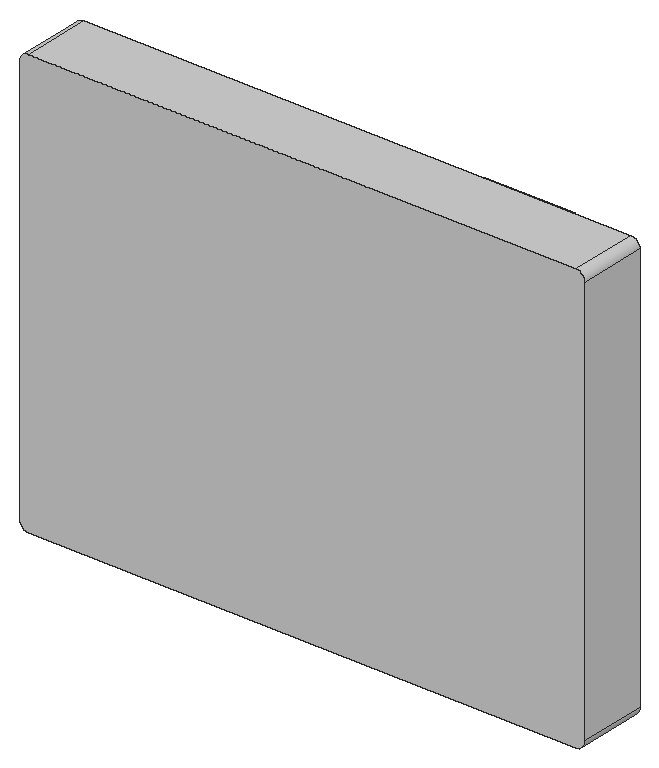
Revit family "Building-IEC309Connections-GEWISS-44IB-INTERLOCKED-SOCKET-OUTLETS_IP44_WITHOUT_BOTTOM_FUS", category Apparecchi elettrici, host Muro, Revit 2016
Family settings
  Host = Muro
  Mantenere orientamento annotazione = Sì
  Tipo di parte = Normale
  Quota connettore circolare = Usa diametro
  Numero OmniClass = 23.80.50.14
  Titolo OmniClass = Plug Connectors
  Sempre verticale = Sì
  Taglio con vuoti quando caricato = No
  Condiviso = No
  Punto di calcolo locali = No
Parameters (values of type "GW66144 - 32A 3P+N+E 500V H.INT.SOCK.O.N.B. 7H CBF")
  Working temperature = "-25 ÷ +40 °C"
  With back-mounting box = "No"
  Vista di pianta [instance] = yes
  Vetro = GEWISS - vetro
  Version file RFA = "18.0"
  URL = "https://www.gewiss.com/ww/en"
  Typology = "Horizontal"
  Tipo simbolo = PRESAINDPFUS : 3P
  Thermo-pressure with ball = "125 °C"
  Technical sheet = "https://www.gewiss.com/ww/en/search?q=GW66144"
  Struttura = GEWISS - Grigio RAL - 7035
  Simbolo [instance] = yes
  Shock resistance = "IK08"
  SEO = "Socket outlet"
  Reference h = "7"
  Realized by GEWISS S.p.A. = ""
  Rated voltage = "480-500V"
  Rated frequency (Hz) = "50/60 Hz"
  Rated current (In) = "32"
  Rated current (A) = "32"
  Protection = "Fuse-holder base (CBF)"
  Produttore = "GEWISS S.p.A."
  Presa = GEWISS - NERO
  Potenza = 500 V
  Operating temperature: = "-25 +40 °C"
  Numero poli = 3
  Number of poles = "3P+N+E"
  No. of poles = "3P+N+E"
  Modello = "GW66144"
  Immagine tipo = GW66132.jpg
  IP degree = "IP44"
  IFC.TypeObject = ""
  IFC.ExportType = ""
  IFC.ExportAs = ""
  IDT = "d594ee1e-5beb-4100-9b20-8b248744bc80"
  IDF = "220cc990-e7b6-467b-b248-952f9c972e44"
  Glow wire test: = "850 °C (active parts) - 650 °C (passive parts)"
  Glow Wire Test = "850 °C (active parts) - 650 °C (passive parts)"
  Fuses holder = "gG"
  Fuse breacking capacity = "> 50 kA"
  Frequency = "50/60 Hz"
  Electrocod = "2220"
  EAN code = "8011564029507"
  Distanza orizzontale del simbolo [instance] = 0 mm
  Distanza dal muro [instance] = 0 mm
  Descrizione = "32A 3P+N+E 500V H.INT.SOCK.O.N.B. 7H CBF"
  Cornice simbolo [instance] = yes
  Colour: = "Black"
  Colour = "Black"
  Classificazione carico = Altro
  Catalogue Range = "44 IB"
  Catalogue = "BUILDING"
  Carico apparente = 0 VA
  COBie.Tagnumber = ""
  COBie.CreatedOn = ""
  COBie.CreatebBy = ""
  COBie.ComponentRegisterItemID = ""
  COBie.Component.TagNumber = ""
  COBie.Component.Space = ""
  COBie.Component.SerialNumber = ""
  COBie.Component.InstallationDate = ""
  COBie.Component.Description = ""
  COBie.Component.BarCode = ""
  Altezza da terra = 820 mm
Types (22, lengths in mm): name | Tipo simbolo | Technical sheet | Reference h | Rated voltage | Rated current (In) | Rated current (A) | Presa | Potenza | Numero poli | Number of poles | No. of poles | Modello | Immagine tipo | IDT | Fuses holder | EAN code | Descrizione | Colour: | Colour
  GW66123 - 16A 2P+E 110V H.INT.SOCK.O.N.B. 4H CBF | PRESAINDPFUS : 2P | "https://www.gewiss.com/ww/en/search?q=GW66123" | "4" | "100-130V" | "16" | "16" | GEWISS - GIALLO | 110 V | 2 | "2P+E" | "2P+E" | "GW66123" | GW66123.jpg | "d865181a-db6f-4733-a7f4-ee1a884c36ac" | "E14" | "8011564029293" | "16A 2P+E 110V H.INT.SOCK.O.N.B. 4H CBF" | "Yellow" | "Yellow"
  GW66124 - 16A 3P+E 110V H.INT.SOCK.O.N.B. 4H CBF | PRESAINDPFUS : 3P | "https://www.gewiss.com/ww/en/search?q=GW66124" | "4" | "100-130V" | "16" | "16" | GEWISS - GIALLO | 110 V | 3 | "3P+E" | "3P+E" | "GW66124" | GW66123.jpg | "ba8cc6a1-6464-4a92-bec3-a971aebed9c9" | "E14" | "8011564029309" | "16A 3P+E 110V H.INT.SOCK.O.N.B. 4H CBF" | "Yellow" | "Yellow"
  GW66125 - 16A 3P+N+E 110V H.INT.SOCK.O.N.B. 4H CBF | PRESAINDPFUS : 3P | "https://www.gewiss.com/ww/en/search?q=GW66125" | "4" | "100-130V" | "16" | "16" | GEWISS - GIALLO | 110 V | 3 | "3P+N+E" | "3P+N+E" | "GW66125" | GW66123.jpg | "780a1870-7141-4bca-a64a-31ce98675e8f" | "E14" | "8011564029316" | "16A 3P+N+E 110V H.INT.SOCK.O.N.B. 4H CBF" | "Yellow" | "Yellow"
  GW66126 - 16A 2P+E 230V H.INT.SOCK.O.N.B. 6H CBF | PRESAINDPFUS : 2P | "https://www.gewiss.com/ww/en/search?q=GW66126" | "6" | "200-250V" | "16" | "16" | GEWISS -BLU | 230 V | 2 | "2P+E" | "2P+E" | "GW66126" | GW66126.jpg | "e4e375a5-ace5-484a-9d3f-762b819f9489" | "E14" | "8011564029323" | "16A 2P+E 230V H.INT.SOCK.O.N.B. 6H CBF" | "Blue" | "Blue"
  GW66127 - 16A 3P+E 230V H.INT.SOCK.O.N.B. 9H CBF | PRESAINDPFUS : 3P | "https://www.gewiss.com/ww/en/search?q=GW66127" | "9" | "200-250V" | "16" | "16" | GEWISS -BLU | 230 V | 3 | "3P+E" | "3P+E" | "GW66127" | GW66126.jpg | "27e9ce2b-8455-460f-96e0-f57ed8d9a4a8" | "E14" | "8011564029330" | "16A 3P+E 230V H.INT.SOCK.O.N.B. 9H CBF" | "Blue" | "Blue"
  GW66128 - 16A 3P+N+E 230V H.INT.SOCK.O.N.B. 9H CBF | PRESAINDPFUS : 3P | "https://www.gewiss.com/ww/en/search?q=GW66128" | "9" | "200-250V" | "16" | "16" | GEWISS -BLU | 230 V | 3 | "3P+N+E" | "3P+N+E" | "GW66128" | GW66126.jpg | "a443fdd3-9bf4-4279-82a0-fdacf7472c05" | "E14" | "8011564029347" | "16A 3P+N+E 230V H.INT.SOCK.O.N.B. 9H CBF" | "Blue" | "Blue"
  GW66129 - 16A 2P+E 400V H.INT.SOCK.O.N.B. 9H CBF | PRESAINDPFUS : 2P | "https://www.gewiss.com/ww/en/search?q=GW66129" | "9" | "380-415V" | "16" | "16" | GW - ROSSO | 400 V | 2 | "2P+E" | "2P+E" | "GW66129" | GW66129.jpg | "60379017-f275-4d69-bc77-8d432f6c908f" | "E14" | "8011564029354" | "16A 2P+E 400V H.INT.SOCK.O.N.B. 9H CBF" | "Red" | "Red"
  GW66130 - 16A 3P+E 400V H.INT.SOCK.O.N.B. 6H CBF | PRESAINDPFUS : 3P | "https://www.gewiss.com/ww/en/search?q=GW66130" | "6" | "380-415V" | "16" | "16" | GW - ROSSO | 400 V | 3 | "3P+E" | "3P+E" | "GW66130" | GW66129.jpg | "626ce0a9-565f-4e2d-a121-3c0070c761b2" | "E14" | "8011564029361" | "16A 3P+E 400V H.INT.SOCK.O.N.B. 6H CBF" | "Red" | "Red"
  GW66131 - 16A 3P+N+E 400V H.INT.SOCK.O.N.B. 6H CBF | PRESAINDPFUS : 3P | "https://www.gewiss.com/ww/en/search?q=GW66131" | "6" | "380-415V" | "16" | "16" | GW - ROSSO | 400 V | 3 | "3P+N+E" | "3P+N+E" | "GW66131" | GW66129.jpg | "f0238afb-2289-4400-b44b-e1221a362020" | "E14" | "8011564029378" | "16A 3P+N+E 400V H.INT.SOCK.O.N.B. 6H CBF" | "Red" | "Red"
  GW66132 - 16A 3P+E 500V H.INT.SOCK.O.N.B. 7H CBF | PRESAINDPFUS : 3P | "https://www.gewiss.com/ww/en/search?q=GW66132" | "7" | "480-500V" | "16" | "16" | GEWISS - NERO | 500 V | 3 | "3P+E" | "3P+E" | "GW66132" | GW66132.jpg | "02a3db47-bfc7-4908-b6d0-5a2c496df560" | "gG" | "8011564029385" | "16A 3P+E 500V H.INT.SOCK.O.N.B. 7H CBF" | "Black" | "Black"
  GW66133 - 16A 3P+N+E 500V H.INT.SOCK.O.N.B. 7H CBF | PRESAINDPFUS : 3P | "https://www.gewiss.com/ww/en/search?q=GW66133" | "7" | "480-500V" | "16" | "16" | GEWISS - NERO | 500 V | 3 | "3P+N+E" | "3P+N+E" | "GW66133" | GW66132.jpg | "05d95da2-3f60-4d1d-95d9-5079e33acc79" | "gG" | "8011564029392" | "16A 3P+N+E 500V H.INT.SOCK.O.N.B. 7H CBF" | "Black" | "Black"
  GW66134 - 32A 2P+E 110V H.INT.SOCK.O.N.B. 4H CBF | PRESAINDPFUS : 2P | "https://www.gewiss.com/ww/en/search?q=GW66134" | "4" | "100-130V" | "32" | "32" | GEWISS - GIALLO | 110 V | 2 | "2P+E" | "2P+E" | "GW66134" | GW66123.jpg | "55c611ab-fc5f-45bb-83d3-7ac72e4d1a5f" | "E18" | "8011564029408" | "32A 2P+E 110V H.INT.SOCK.O.N.B. 4H CBF" | "Yellow" | "Yellow"
  GW66135 - 32A 3P+E 110V H.INT.SOCK.O.N.B. 4H CBF | PRESAINDPFUS : 3P | "https://www.gewiss.com/ww/en/search?q=GW66135" | "4" | "100-130V" | "32" | "32" | GEWISS - GIALLO | 110 V | 3 | "3P+E" | "3P+E" | "GW66135" | GW66123.jpg | "f273748a-626d-457f-a7f8-4a647b34e61b" | "E18" | "8011564029415" | "32A 3P+E 110V H.INT.SOCK.O.N.B. 4H CBF" | "Yellow" | "Yellow"
  GW66136 - 32A 3P+N+E 110V H.INT.SOCK.O.N.B. 4H CBF | PRESAINDPFUS : 3P | "https://www.gewiss.com/ww/en/search?q=GW66136" | "4" | "100-130V" | "32" | "32" | GEWISS - GIALLO | 110 V | 3 | "3P+N+E" | "3P+N+E" | "GW66136" | GW66123.jpg | "02324301-823f-47d2-bdfc-f335b4377400" | "E18" | "8011564029422" | "32A 3P+N+E 110V H.INT.SOCK.O.N.B. 4H CBF" | "Yellow" | "Yellow"
  GW66137 - 32A 2P+E 230V H.INT.SOCK.O.N.B. 6H CBF | PRESAINDPFUS : 2P | "https://www.gewiss.com/ww/en/search?q=GW66137" | "6" | "200-250V" | "32" | "32" | GEWISS -BLU | 230 V | 2 | "2P+E" | "2P+E" | "GW66137" | GW66126.jpg | "d60d6951-15fe-4860-bfa8-1e7b4dfc9a13" | "E18" | "8011564029439" | "32A 2P+E 230V H.INT.SOCK.O.N.B. 6H CBF" | "Blue" | "Blue"
  GW66138 - 32A 3P+E 230V H.INT.SOCK.O.N.B. 9H CBF | PRESAINDPFUS : 3P | "https://www.gewiss.com/ww/en/search?q=GW66138" | "9" | "200-250V" | "32" | "32" | GEWISS -BLU | 230 V | 3 | "3P+E" | "3P+E" | "GW66138" | GW66126.jpg | "7e39b0d5-9697-4710-ad08-14052aaa1030" | "E18" | "8011564029446" | "32A 3P+E 230V H.INT.SOCK.O.N.B. 9H CBF" | "Blue" | "Blue"
  GW66139 - 32A 3P+N+E 230V H.INT.SOCK.O.N.B. 9H CBF | PRESAINDPFUS : 3P | "https://www.gewiss.com/ww/en/search?q=GW66139" | "9" | "200-250V" | "32" | "32" | GEWISS -BLU | 230 V | 3 | "3P+N+E" | "3P+N+E" | "GW66139" | GW66126.jpg | "7be2307e-add9-4018-be24-103bc8ff07f7" | "E18" | "8011564029453" | "32A 3P+N+E 230V H.INT.SOCK.O.N.B. 9H CBF" | "Blue" | "Blue"
  GW66140 - 32A 2P+E 400V H.INT.SOCK.O.N.B. 9H CBF | PRESAINDPFUS : 2P | "https://www.gewiss.com/ww/en/search?q=GW66140" | "9" | "380-415V" | "32" | "32" | GW - ROSSO | 400 V | 2 | "2P+E" | "2P+E" | "GW66140" | GW66129.jpg | "da9a0dd5-dbfc-4347-8c85-6acd15e5a295" | "E18" | "8011564029460" | "32A 2P+E 400V H.INT.SOCK.O.N.B. 9H CBF" | "Red" | "Red"
  GW66141 - 32A 3P+E 400V H.INT.SOCK.O.N.B. 6H CBF | PRESAINDPFUS : 3P | "https://www.gewiss.com/ww/en/search?q=GW66141" | "6" | "380-415V" | "32" | "32" | GW - ROSSO | 400 V | 3 | "3P+E" | "3P+E" | "GW66141" | GW66129.jpg | "d1dcc1e9-ce0b-4fca-a15c-cdb788cca326" | "E18" | "8011564029477" | "32A 3P+E 400V H.INT.SOCK.O.N.B. 6H CBF" | "Red" | "Red"
  GW66142 - 32A 3P+N+E 400V H.INT.SOCK.O.N.B. 6H CBF | PRESAINDPFUS : 3P | "https://www.gewiss.com/ww/en/search?q=GW66142" | "6" | "380-415V" | "32" | "32" | GW - ROSSO | 400 V | 3 | "3P+N+E" | "3P+N+E" | "GW66142" | GW66129.jpg | "b4ab6ff6-c865-4da7-8c3e-7eee63859023" | "E18" | "8011564029484" | "32A 3P+N+E 400V H.INT.SOCK.O.N.B. 6H CBF" | "Red" | "Red"
  GW66143 - 32A 3P+E 500V H.INT.SOCK.O.N.B. 7H CBF | PRESAINDPFUS : 3P | "https://www.gewiss.com/ww/en/search?q=GW66143" | "7" | "480-500V" | "32" | "32" | GEWISS - NERO | 500 V | 3 | "3P+E" | "3P+E" | "GW66143" | GW66132.jpg | "6257d119-5bf8-4505-9e73-2c5024973be1" | "gG" | "8011564029491" | "32A 3P+E 500V H.INT.SOCK.O.N.B. 7H CBF" | "Black" | "Black"
  GW66144 - 32A 3P+N+E 500V H.INT.SOCK.O.N.B. 7H CBF | PRESAINDPFUS : 3P | "https://www.gewiss.com/ww/en/search?q=GW66144" | "7" | "480-500V" | "32" | "32" | GEWISS - NERO | 500 V | 3 | "3P+N+E" | "3P+N+E" | "GW66144" | GW66132.jpg | "d594ee1e-5beb-4100-9b20-8b248744bc80" | "gG" | "8011564029507" | "32A 3P+N+E 500V H.INT.SOCK.O.N.B. 7H CBF" | "Black" | "Black"
Reference planes
  plane 1 "Muro": y = 0
  plane 2 "Centro (Sinistra/Destra)": x = 125
  plane 3 "Indietro": y = 75
  plane 4: z = 820
  plane 5: x = 125
Lines and regions (mm)
  Masking region 1, visible <- "Vista di pianta"
    outline origin (0, 0, 0) x (1, 0, 0) y (0, 1, 0)
      loop
        line (49.01, 98) -> (98.488, 98) -> (98.488, 106) -> (49.01, 106) -> (49.01, 98)
      loop
        line (140.334, 106) -> (140.334, 98) -> (208.338, 98) -> (208.338, 106) -> (140.334, 106)
  Masking region 2, visible <- "Vista di pianta"
    outline origin (0, 0, 0) x (1, 0, 0) y (0, 1, 0)
      loop
        line (29.75, 98) -> (29.75, 75) -> (220.228, 75) -> (220.228, 98) -> (29.75, 98)
  Masking region 3
    outline origin (125, 0, 0) x (0, 1, 0) y (0, 0, 1)
      loop
        line (110.049, 871.184) -> (110.049, 960.961) -> (98, 960.961) -> (98, 871.184) -> (110.049, 871.184)
  Masking region 4
    outline origin (125, 0, 0) x (0, 1, 0) y (0, 0, 1)
      loop
        line (98, 967.25) -> (75, 967.25) -> (75, 822.772) -> (98, 822.772) -> (98, 967.25)
Text (mm)
  text "Lato posizionamento" at (-1848.837, 1116.779, 0), in view "Livello rif."
  text "Lato posizionamento" at (0, 1409.804, 2854.306), in view "Sinistra"
  text "Lato posizionamento" at (0, 499.811, 2980.732), in view "Destra"
Dimensions and locks
  locked: plane 3 "Indietro" to host wall
  "Altezza da terra": level to plane 4
  "Distanza orizzontale del simbolo": plane 5 to plane 2 "Centro (Sinistra/Destra)"
  aligned and locked: plane 1 "Muro" to host wall
  aligned and locked: plane 4 to nested 1
  aligned and locked: nested 2 to plane 4
  aligned and locked: plane 2 "Centro (Sinistra/Destra)" to nested 2
  aligned and locked: Masking region 3 sketch curve to nested 1  (x2)
  aligned and locked: Masking region 4 sketch curve to nested 1
  aligned and locked: nested 1 to Masking region 4 sketch curve
  aligned and locked: plane 5 to nested 3
  aligned and locked: plane 3 "Indietro" to nested 1
  aligned and locked: plane 3 "Indietro" to Masking region 2
Automatic sketch dimensions
  Masking region 1 sketch curve to plane 2 "Centro (Sinistra/Destra)" = 26.512 mm
  plane 2 "Centro (Sinistra/Destra)" to Masking region 1 sketch curve = 15.334 mm
  Masking region 1 sketch curve to Masking region 1 sketch curve = 68.004 mm
  Masking region 1 sketch curve to Masking region 1 sketch curve = 0 mm
  Masking region 1 sketch curve to Masking region 1 sketch curve = 8 mm  (x2)
  Masking region 2 sketch curve to plane 2 "Centro (Sinistra/Destra)" = 95.25 mm
  plane 2 "Centro (Sinistra/Destra)" to Masking region 2 sketch curve = 95.228 mm
  host wall to Masking region 2 sketch curve = 0 mm
  Masking region 2 sketch curve to Masking region 2 sketch curve = 23 mm
  plane 4 to Masking region 3 sketch curve = 51.184 mm
  plane 4 to Masking region 4 sketch curve = 2.772 mm
  Masking region 3 sketch curve to Masking region 3 sketch curve = 89.778 mm
  Masking region 4 sketch curve to Masking region 4 sketch curve = 23 mm
  Masking region 1 sketch curve to Masking region 1 sketch curve = 49.478 mm
  host wall to Masking region 1 sketch curve = 23 mm
Nested families
  nested 1: "IB PRESE INTERBLOC portaf ORIZ" at (125, 11, 233.117) x (-1, 0, 0) z (0, 0, 1), type "IB PRESE INTERBLOC portaf ORIZ"
  nested 2: "2D - IB PRESE INTERBLOC ORIZ + PORTAFUS IP44" at (125, 0, 895) x (-1, 0, 0) z (0, -1, 0), type "BIDIMENSIONALE"
  nested 3: "PRESAINDPFUS" at (125, 74.993, 0), Distanza dal muro <- "Distanza dal muro", BORDO ACCESO <- "Cornice simbolo", SIMBOLO ACCESO <- "Simbolo", type <- "Tipo simbolo", type "3P"
    with SIMBOLO ACCESO yes, Distanza dal muro 0 mm, BORDO ACCESO yes
Connectors
  electrical at (125, 107, 820), driven by "Numero poli", driven by "Classificazione carico", driven by "Potenza", driven by "Carico apparente"
    settings: on nested 1, index 1, voltage 500 V, apparent load 0 VA, apparent load phase1 0 VA, apparent load phase2 0 VA, apparent load phase3 0 VA, power factor 1, load classification "Altro", number of poles 3, system type 31, power factor state 1, is connector primary yes, connector utility no, sub classification motor no, connector description ""
Definition of nested family "IB PRESE INTERBLOC portaf ORIZ"
  Parameters (values of type "IB PRESE INTERBLOC portaf ORIZ")
    Vetro = none
    Struttura = none
    Spessore = 160 mm
    Default Elevation = 14 mm
    Presa = none
    Lunghezza = 196 mm
    IFC.TypeObject = ""
    IFC.ExportType = ""
    IFC.ExportAs = ""
    H_da terra = 586.883 mm
    COBie.CreatedOn = ""
    COBie.CreatebBy = ""
    COBie.ComponentRegisterItemID = ""
    COBie.Component.TagNumber = ""
    COBie.Component.Space = ""
    COBie.Component.SerialNumber = ""
    COBie.Component.InstallationDate = ""
    COBie.Component.Description = ""
    COBie.Component.BarCode = ""
    Altezza = 150 mm
  Reference planes
    plane 1 "Centro (Fronte/Retro)": y = 0
    plane 2: z = 0
    plane 3 "Centro (Sinistra/Destra)": x = 0
    plane 4: y = -64
    plane 5: x = -98
    plane 6: z = 736.883
    plane 7: x = 98
    plane 8: z = 586.883
    plane 9: z = 734.133
    plane 10: x = -95.25
    plane 11: z = 589.633
    plane 12: x = 95.25
    plane 13: y = -87
    plane 14: y = -95
  Forms (mm)
    Extrusion 1, solid, material <- "Struttura"
      sketch origin (0, 0, 0) x (1, 0, 0) y (0, 0, 1)
        loop
          line (-95.25, 731.134) -> (-95.25, 592.633)
          arc (-95.25, 592.633) -> (-94.372, 590.512) -> (-92.251, 589.633) r 3
          line (-92.251, 589.633) -> (92.251, 589.633)
          arc (92.251, 589.633) -> (94.372, 590.512) -> (95.25, 592.633) r 3
          line (95.25, 592.633) -> (95.25, 731.134)
          arc (95.25, 731.134) -> (94.372, 733.255) -> (92.251, 734.133) r 3
          line (92.251, 734.133) -> (-92.251, 734.133)
          arc (-92.251, 734.133) -> (-94.372, 733.255) -> (-95.25, 731.134) r 3
      from 64 to 87
    Extrusion 2, solid
      sketch origin (0, 0, 0) x (1, 0, 0) y (0, 0, 1)
        loop
          circle (51.251, 703.105) r 24.739
        loop
          circle (51.251, 703.105) r 22.94
      from 87 to 95
    Extrusion 3, solid
      sketch origin (0, 0, 0) x (1, 0, 0) y (0, 0, 1)
        loop
          arc (44.954, 681.047) -> (51.251, 680.165) -> (57.548, 681.047) r 22.94
          line (57.548, 681.047) -> (57.548, 725.164)
          arc (57.548, 725.164) -> (51.251, 726.045) -> (44.954, 725.164) r 22.94
          line (44.954, 725.164) -> (44.954, 681.047)
      from 87 to 95
    Extrusion 4, solid
      sketch origin (0, 0, 0) x (1, 0, 0) y (0, 0, 1)
        loop
          line (-45.177, 720.626) -> (-77.753, 720.626)
          arc (-77.753, 720.626) -> (-83.817, 718.114) -> (-86.328, 712.051) r 8.576
          line (-86.328, 712.051) -> (-86.328, 643.46)
          arc (-86.328, 643.46) -> (-83.818, 637.4) -> (-77.758, 634.89) r 8.57
          line (-77.758, 634.89) -> (-19.254, 634.89)
          arc (-19.254, 634.89) -> (-13.188, 637.402) -> (-10.675, 643.468) r 8.578
          line (-10.675, 643.468) -> (-10.675, 712.051)
          arc (-10.675, 712.051) -> (-13.187, 718.114) -> (-19.25, 720.626) r 8.575
          line (-19.25, 720.626) -> (-45.177, 720.626)
      from 87 to 87.989
    Extrusion 5, solid, material <- "Presa"
      sketch origin (0, 0, 0) x (1, 0, 0) y (0, 0, 1)
        loop
          circle (-49.336, 677.759) r 34.002
      from 87 to 95
    Extrusion 6, solid, material <- "Presa"
      sketch origin (0, 0, 0) x (1, 0, 0) y (0, 0, 1)
        loop
          line (-33.371, 725.547) -> (-63.631, 725.547) -> (-63.631, 647.738)
          arc (-63.631, 647.738) -> (-62.237, 643.203) -> (-58.535, 640.236) r 8.07
          arc (-58.535, 640.236) -> (-48.501, 638.067) -> (-38.467, 640.236) r 24.294
          arc (-38.467, 640.236) -> (-34.765, 643.203) -> (-33.371, 647.738) r 8.07
          line (-33.371, 647.738) -> (-33.371, 725.547)
      from 87 to 99.049
    Extrusion 7, void
      sketch origin (0, 0, 0) x (1, 0, 0) y (0, 0, 1)
        loop
          line (92.023, 656.435) -> (8.849, 656.435)
          arc (8.849, 656.435) -> (7.423, 655.844) -> (6.832, 654.417) r 2.017
          line (6.832, 654.417) -> (6.832, 592.867)
          arc (6.832, 592.867) -> (7.423, 591.44) -> (8.849, 590.85) r 2.017
          line (8.849, 590.85) -> (92.023, 590.85)
          arc (92.023, 590.85) -> (93.449, 591.44) -> (94.04, 592.867) r 2.017
          line (94.04, 592.867) -> (94.04, 654.417)
          arc (94.04, 654.417) -> (93.449, 655.844) -> (92.023, 656.435) r 2.017
      from 82.324 to 87
    Extrusion 8, solid, material <- "Vetro"
      sketch origin (0, 0, 0) x (1, 0, 0) y (0, 0, 1)
        loop
          arc (8.849, 656.435) -> (7.423, 655.844) -> (6.832, 654.417) r 2.017
          line (6.832, 654.417) -> (6.832, 592.867)
          arc (6.832, 592.867) -> (7.423, 591.44) -> (8.849, 590.85) r 2.017
          line (8.849, 590.85) -> (92.023, 590.85)
          arc (92.023, 590.85) -> (93.449, 591.44) -> (94.04, 592.867) r 2.017
          line (94.04, 592.867) -> (94.04, 654.417)
          arc (94.04, 654.417) -> (93.449, 655.844) -> (92.023, 656.435) r 2.017
          line (92.023, 656.435) -> (8.849, 656.435)
      from 82.324 to 87
  Cuts and joins
    Extrusion 7 cuts Extrusion 1
  Dimensions and locks
    "H_da terra": plane 8 to plane 2
    "Altezza": plane 6 to plane 8
    equal spacing: plane 5, plane 3 "Centro (Sinistra/Destra)", plane 7
    "Lunghezza": plane 5 to plane 7
    locked: plane 1 "Centro (Fronte/Retro)" to plane 4 at 64
    locked: plane 5 to plane 10 at 2.75
    locked: plane 7 to plane 12 at 2.75
    locked: plane 6 to plane 9 at 2.75
    locked: plane 11 to plane 8 at 2.75
    locked: plane 4 to plane 13 at 23
    locked: plane 7 to Extrusion 2 sketch curve at 46.749  (x2)
    locked: plane 14 to plane 13 at 8
    locked: Extrusion 4 sketch curve to Extrusion 4 sketch curve at 75.653
    locked: plane 5 to Extrusion 4 sketch curve at 11.672
    locked: plane 6 to Extrusion 4 sketch curve at 16.257
    locked: Extrusion 4 to Extrusion 1 at 0.989
    locked: cut or joined group of Extrusion 1, Extrusion 7 to cut or joined group of Extrusion 1, Extrusion 7 at 4.676
    plane 8 to Extrusion 8 = 69.552 mm
    aligned and locked: level to plane 2
    aligned and locked: Extrusion 1 sketch curve to plane 10
    aligned and locked: Extrusion 1 sketch curve to plane 11
    aligned and locked: Extrusion 1 sketch curve to plane 9
    aligned and locked: Extrusion 1 sketch curve to plane 12
    aligned and locked: Extrusion 1 to plane 13
    aligned and locked: Extrusion 2 to Extrusion 1
    aligned and locked: plane 14 to Extrusion 2
    aligned and locked: plane 13 to Extrusion 3
    aligned and locked: plane 14 to Extrusion 3
    aligned and locked: plane 13 to Extrusion 4
    aligned and locked: plane 13 to Extrusion 5
    aligned and locked: plane 14 to Extrusion 5
    aligned and locked: plane 13 to Extrusion 6
    aligned and locked: Extrusion 7 to plane 13
    aligned and locked: Extrusion 8 to cut or joined group of Extrusion 1, Extrusion 7
    aligned and locked: Extrusion 8 to plane 13
    aligned and locked: plane 4 to Extrusion 1
  Automatic sketch dimensions
    plane 10 to Extrusion 1 sketch curve = 3 mm
    Extrusion 1 sketch curve to Extrusion 1 sketch curve = 3 mm  (x2)
    Extrusion 1 sketch curve to plane 11 = 3 mm
    Extrusion 2 sketch curve to Extrusion 2 sketch curve = 0 mm
    plane 9 to Extrusion 2 sketch curve = 31.028 mm
    Extrusion 3 sketch curve to plane 12 = 43.999 mm
    Extrusion 3 sketch curve to Extrusion 3 sketch curve = 6.297 mm
    plane 9 to Extrusion 3 sketch curve = 8.969 mm  (x2)
    Extrusion 3 sketch curve to Extrusion 3 sketch curve = 0 mm  (x3)
    Extrusion 3 sketch curve to Extrusion 3 sketch curve = 22.059 mm
    Extrusion 4 sketch curve to Extrusion 4 sketch curve = 8.57 mm
    Extrusion 4 sketch curve to Extrusion 4 sketch curve = 8.576 mm
    Extrusion 4 sketch curve to plane 3 "Centro (Sinistra/Destra)" = 19.25 mm
    Extrusion 4 sketch curve to Extrusion 4 sketch curve = 8.578 mm
    Extrusion 4 sketch curve to plane 11 = 45.257 mm
    plane 9 to Extrusion 4 sketch curve = 22.082 mm
    Extrusion 4 sketch curve to Extrusion 4 sketch curve = 32.575 mm
    Extrusion 4 sketch curve to Extrusion 4 sketch curve = 25.927 mm
    plane 10 to Extrusion 5 sketch curve = 45.914 mm
    plane 9 to Extrusion 5 sketch curve = 56.374 mm
    plane 10 to Extrusion 6 sketch curve = 31.619 mm
    Extrusion 6 sketch curve to Extrusion 6 sketch curve = 8.07 mm
    Extrusion 6 sketch curve to Extrusion 6 sketch curve = 7.061 mm
    Extrusion 6 sketch curve to Extrusion 6 sketch curve = 14.122 mm
    plane 9 to Extrusion 6 sketch curve = 8.586 mm
    Extrusion 6 sketch curve to Extrusion 6 sketch curve = 30.261 mm
    Extrusion 6 sketch curve to Extrusion 6 sketch curve = 63.187 mm
    Extrusion 6 sketch curve to Extrusion 6 sketch curve = 14.623 mm  (x2)
    Extrusion 6 sketch curve to Extrusion 6 sketch curve = 2.973 mm
    plane 3 "Centro (Sinistra/Destra)" to Extrusion 7 sketch curve = 6.832 mm
    Extrusion 7 sketch curve to plane 11 = 1.216 mm
    Extrusion 7 sketch curve to Extrusion 7 sketch curve = 2.017 mm  (x2)
    Extrusion 7 sketch curve to plane 12 = 3.227 mm  (x2)
    Extrusion 7 sketch curve to plane 12 = 1.21 mm
    Extrusion 7 sketch curve to Extrusion 7 sketch curve = 61.55 mm
    plane 3 "Centro (Sinistra/Destra)" to Extrusion 8 sketch curve = 6.832 mm
    Extrusion 8 sketch curve to Extrusion 8 sketch curve = 2.017 mm  (x2)
    Extrusion 8 sketch curve to plane 12 = 3.227 mm  (x2)
    Extrusion 8 sketch curve to plane 12 = 1.21 mm
    Extrusion 8 sketch curve to plane 11 = 1.216 mm
    Extrusion 8 sketch curve to Extrusion 8 sketch curve = 61.55 mm
    radius of Extrusion 2 sketch curve = 24.739 mm
    radius of Extrusion 2 sketch curve = 22.94 mm
    radius of Extrusion 5 sketch curve = 34.002 mm
Definition of nested family "2D - IB PRESE INTERBLOC ORIZ + PORTAFUS IP44"
  Reference planes
    plane 1 "Centro (Fronte/Retro)": y = 0
    plane 2: z = 0
    plane 3 "Centro (Sinistra/Destra)": x = 0
  Lines and regions (mm)
    model lines, in view "Livello rif."
      curve 1: arc (-63.631, -14.146, 0) -> (-62.237, -18.68, 0) -> (-58.535, -21.647, 0) r 8.07
      curve 2: arc (-38.467, -21.647, 0) -> (-34.765, -18.68, 0) -> (-33.371, -14.146, 0) r 8.07
      curve 3: arc (-33.371, -13.45, 0) -> (-15.443, 14.003, 0) -> (-33.371, 41.455, 0) r 29.983
      curve 4: arc (-63.631, 41.455, 0) -> (-81.559, 14.003, 0) -> (-63.631, -13.45, 0) r 29.983
      curve 5: arc (-58.535, -21.647, 0) -> (-48.501, -23.816, 0) -> (-38.467, -21.647, 0) r 24.294
      curve 6: line (-63.631, 48.642, 0) -> (-33.371, 48.642, 0)
      curve 7: line (-33.371, -14.146, 0) -> (-33.371, 63.664, 0)
      curve 8: line (-33.371, 63.664, 0) -> (-63.631, 63.664, 0)
      curve 9: line (-63.631, 63.664, 0) -> (-63.631, -14.146, 0)
      curve 10: circle (35.958, 41.222, 0) r 4.498 normal (0, 0, 1)
      curve 11: circle (51.251, 41.222, 0) r 24.739 normal (0, 0, 1)
      curve 12: arc (75.965, -62.439, 0) -> (74.192, -58.16, 0) -> (69.913, -56.387, 0) r 6.052
      curve 13: arc (32.589, -56.387, 0) -> (28.306, -58.163, 0) -> (26.537, -62.448, 0) r 6.052
      curve 14: arc (8.849, -5.448, 0) -> (7.423, -6.039, 0) -> (6.832, -7.466, 0) r 2.017
      curve 15: arc (6.832, -69.016, 0) -> (7.423, -70.443, 0) -> (8.849, -71.034, 0) r 2.017
      curve 16: arc (92.023, -71.034, 0) -> (93.449, -70.443, 0) -> (94.04, -69.016, 0) r 2.017
      curve 17: arc (94.04, -7.466, 0) -> (93.449, -6.039, 0) -> (92.023, -5.448, 0) r 2.017
      curve 18: arc (-10.675, 50.161, 0) -> (-13.183, 56.23, 0) -> (-19.249, 58.746, 0) r 8.574
      curve 19: arc (-19.26, -26.993, 0) -> (-13.187, -24.482, 0) -> (-10.675, -18.408, 0) r 8.574
      curve 20: arc (-86.327, -18.43, 0) -> (-83.816, -24.482, 0) -> (-77.764, -26.993, 0) r 8.574
      curve 21: arc (-77.753, 58.746, 0) -> (-83.82, 56.23, 0) -> (-86.327, 50.161, 0) r 8.574
      curve 22: arc (-92.5, 75, 0) -> (-96.389, 73.389, 0) -> (-98, 69.5, 0) r 5.5
      curve 23: arc (98, 69.5, 0) -> (96.389, 73.389, 0) -> (92.5, 75, 0) r 5.5
      curve 24: arc (92.5, -75, 0) -> (96.389, -73.389, 0) -> (98, -69.5, 0) r 5.5
      curve 25: arc (-98, -69.5, 0) -> (-96.389, -73.389, 0) -> (-92.5, -75, 0) r 5.5
      curve 26: line (57.548, 19.164, 0) -> (57.548, 63.281, 0)
      curve 27: line (44.954, 19.164, 0) -> (44.954, 63.281, 0)
      curve 28: line (32.589, -56.387, 0) -> (69.913, -56.387, 0)
      curve 29: line (75.965, -62.439, 0) -> (75.965, -67.42, 0)
      curve 30: line (75.965, -67.42, 0) -> (81.513, -67.42, 0)
      curve 31: line (81.513, -67.42, 0) -> (81.513, -68.996, 0)
      curve 32: line (81.513, -68.996, 0) -> (20.989, -68.996, 0)
      curve 33: line (20.989, -68.996, 0) -> (20.989, -67.42, 0)
      curve 34: line (20.989, -67.42, 0) -> (26.537, -67.42, 0)
      curve 35: line (26.537, -67.42, 0) -> (26.537, -62.448, 0)
      curve 36: line (94.04, -69.016, 0) -> (94.04, -7.466, 0)
      curve 37: line (6.832, -69.016, 0) -> (6.832, -7.466, 0)
      curve 38: line (8.849, -71.034, 0) -> (92.023, -71.034, 0)
      curve 39: line (92.5, -5.448, 0) -> (8.849, -5.448, 0)
      curve 40: line (-77.753, 58.746, 0) -> (-63.631, 58.746, 0)
      curve 41: line (-10.675, 50.161, 0) -> (-10.675, -18.408, 0)
      curve 42: line (-19.26, -26.993, 0) -> (-77.764, -26.993, 0)
      curve 43: line (-86.327, -18.43, 0) -> (-86.327, 50.161, 0)
      curve 44: line (-98, 69.5, 0) -> (-98, -69.5, 0)
      curve 45: line (98, 69.5, 0) -> (98, -69.5, 0)
      curve 46: line (-92.5, 75, 0) -> (92.5, 75, 0)
      curve 47: line (-92.5, -75, 0) -> (92.5, -75, 0)
      curve 48: line (-70.501, -58.746, 0) -> (-70.501, -42.246, 0)
      curve 49: line (-70.501, -42.246, 0) -> (-26.502, -42.246, 0)
      curve 50: line (-26.502, -42.246, 0) -> (-26.502, -58.746, 0)
      curve 51: line (-26.502, -58.746, 0) -> (-70.501, -58.746, 0)
      curve 52: line (-33.371, 58.746, 0) -> (-19.249, 58.746, 0)
    detail lines, in view "Livello rif.", detail levels coarse
      curve 53: line (44.954, 63.281, 0) -> (57.548, 63.281, 0)
      curve 54: line (44.954, 19.164, 0) -> (57.548, 19.164, 0)
Definition of nested family "PRESAINDPFUS"
  Parameters (values of type "2P")
    SIMBOLO ACCESO [instance] = yes
    SIMBOLO = PRESAINDPFUS_BASE : 2P
    Distanza dal muro [instance] = 0 mm
    BORDO ACCESO [instance] = yes
  Types (2, lengths in mm): name | SIMBOLO
    2P | PRESAINDPFUS_BASE : 2P
    3P | PRESAINDPFUS_BASE : 3P
  Reference planes
    plane 1: y = 0
    plane 2: x = 0
  Dimensions and locks
    "Distanza dal muro": plane 1 to nested 1
    aligned and locked: plane 2 to nested 1
  Nested families
    nested 1: "PRESAINDPFUS_BASE" at (0, 0, 0), type <- "SIMBOLO", CORNICE SIMBOLO <- "BORDO ACCESO", visible <- "SIMBOLO ACCESO", type "2P"
  Definition of nested family "PRESAINDPFUS_BASE"
    Parameters (values of type "3P")
      CORNICE SIMBOLO [instance] = yes
      3P = yes
    Types (2, lengths in mm): name | 3P
      3P | yes
      2P | no
    Reference planes
      plane 1: y = 0
      plane 2: x = 0
    Lines and regions (mm)
      detail lines, visible <- "CORNICE SIMBOLO"
        curve 1: line (-0.9, 2.3, 0) -> (0.9, 2.3, 0)
        curve 2: line (0.9, 2.3, 0) -> (0.9, 0, 0)
        curve 3: line (0.9, 0, 0) -> (-0.9, 0, 0)
        curve 4: line (-0.9, 0, 0) -> (-0.9, 2.3, 0)
      detail lines, not visible
        curve 5: line (-2.443, 10.208, 0) -> (2.057, 10.208, 0)
        curve 6: line (2.057, 10.208, 0) -> (2.057, 4.208, 0)
        curve 7: line (2.057, 4.208, 0) -> (-2.443, 4.208, 0)
        curve 8: line (-2.443, 4.208, 0) -> (-2.443, 10.208, 0)
        curve 9: line (-2.043, 9.808, 0) -> (1.657, 9.808, 0)
        curve 10: line (1.657, 9.808, 0) -> (1.657, 4.608, 0)
        curve 11: line (1.657, 4.608, 0) -> (-2.043, 4.608, 0)
        curve 12: line (-2.043, 4.608, 0) -> (-2.043, 9.808, 0)
      detail lines
        curve 13: line (-0.45, 0.969, 0) -> (-0.167, 0.969, 0)
        curve 14: line (-0.167, 0.969, 0) -> (0.33, 1.829, 0)
        curve 15: line (0.33, 1.829, 0) -> (0.836, 1.536, 0)
        curve 16: line (-0.167, 0.969, 0) -> (-0.45, 0.478, 0)
        curve 17: line (-0.45, 0.478, 0) -> (-0.45, 2.241, 0)
        curve 18: line (0.135, 1.491, 0) -> (0.641, 1.199, 0)
        curve 19: line (-0.84, 0.478, 0) -> (-0.06, 0.478, 0)
        curve 20: line (-0.45, 0.852, 0) -> (-0.333, 0.969, 0)
        curve 21: line (-0.45, 0.783, 0) -> (-0.264, 0.969, 0)
        curve 22: line (-0.45, 0.714, 0) -> (-0.195, 0.969, 0)
        curve 23: line (-0.45, 0.645, 0) -> (-0.223, 0.872, 0)
        curve 24: line (-0.45, 0.576, 0) -> (-0.317, 0.709, 0)
        curve 26: arc (-0.84, 0.089, 0) -> (-0.45, 0.478, 0) -> (-0.06, 0.089, 0) r 0.39
        curve 27: line (-0.608, 1.143, 0) -> (-0.608, 1.964, 0)
        curve 28: line (-0.608, 1.964, 0) -> (-0.292, 1.964, 0)
        curve 29: line (-0.292, 1.964, 0) -> (-0.292, 1.143, 0)
        curve 30: line (-0.292, 1.143, 0) -> (-0.608, 1.143, 0)
      detail lines, visible <- "3P"
        curve 25: line (-0.06, 1.154, 0) -> (0.446, 0.861, 0)
